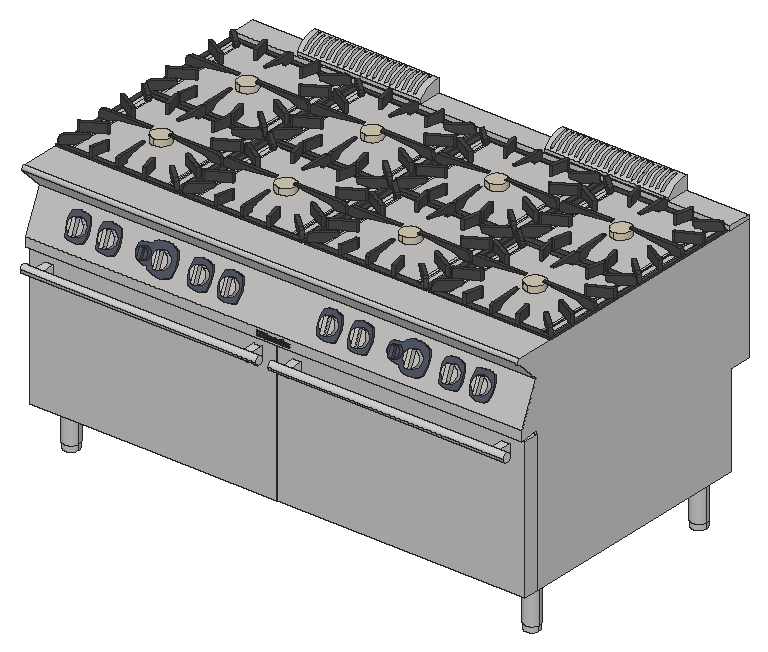
Revit family "QF_ELECTROLUXPROFESSIONAL_391584_E9AAPTBBMKI", category Attrezzature speciali, Revit 2018 (continued)
Definition of nested family "371009_BURNER"
  Lines and regions (mm)
    symbolic lines
      curve 25: arc (181.527, -53.042, 150) -> (179.976, -50.008, 150) -> (181.527, -46.973, 150) r 3.745
      curve 26: line (191.85, -0.794, 150) -> (191.85, -134.556, 150)
      curve 27: line (191.85, -350, 150) -> (201.85, -350, 150)
      curve 28: line (191.85, -11.007, 150) -> (201.85, -11.007, 150)
      curve 29: line (191.85, -0.794, 150) -> (201.85, -0.794, 150)
      curve 30: line (201.85, -340.6, 150) -> (275.077, -340.6, 150)
      curve 31: arc (196.85, -145.397, 0) -> (166.955, -172.888, 0) -> (191.85, -204.977, 0) r 30
      curve 32: arc (201.85, -204.977, 0) -> (226.745, -172.888, 0) -> (196.85, -145.397, 0) r 30
      curve 33: arc (158.678, -180.397, 0) -> (170.734, -200.207, 0) -> (191.85, -209.795, 0) r 39.375
      curve 34: line (163.825, -170.397, 150) -> (163.825, -15, 150)
      curve 35: line (229.875, -170.397, 150) -> (229.875, -15, 150)
      curve 36: line (144.775, -170.397, 150) -> (144.775, -15, 150)
      curve 37: line (248.925, -170.397, 150) -> (248.925, -15, 150)
      curve 38: arc (145.678, -180.397, 0) -> (161.728, -209.187, 0) -> (191.85, -222.573, 0) r 52.075
      curve 39: arc (201.85, -209.795, 0) -> (222.966, -200.207, 0) -> (235.022, -180.397, 0) r 39.375
      curve 40: arc (201.85, -222.573, 0) -> (231.931, -209.224, 0) -> (248.001, -180.504, 0) r 52.075
      curve 41: line (393.7, 0, 0) -> (0, 0, 0)
      curve 42: line (70.445, -122.149, 0) -> (7.81, -87.734, 0)
      curve 43: arc (7.81, -87.734, 0) -> (1.021, -89.708, 0) -> (2.995, -96.498, 0) r 5
      curve 44: line (2.995, -96.498, 0) -> (65.629, -130.914, 0)
      curve 45: arc (65.629, -130.914, 0) -> (72.419, -128.939, 0) -> (70.445, -122.149, 0) r 5
      curve 46: line (65.629, -224.686, 0) -> (2.995, -259.102, 0)
      curve 47: arc (2.995, -259.102, 0) -> (1.021, -265.892, 0) -> (7.81, -267.866, 0) r 5
      curve 48: line (7.81, -267.866, 0) -> (70.445, -233.451, 0)
      curve 49: arc (70.445, -233.451, 0) -> (72.419, -226.661, 0) -> (65.629, -224.686, 0) r 5
      curve 50: line (323.255, -122.149, 0) -> (385.89, -87.734, 0)
      curve 51: arc (385.89, -87.734, 0) -> (392.679, -89.708, 0) -> (390.705, -96.498, 0) r 5
      curve 52: line (390.705, -96.498, 0) -> (328.071, -130.914, 0)
      curve 53: arc (328.071, -130.914, 0) -> (321.281, -128.939, 0) -> (323.255, -122.149, 0) r 5
      curve 54: line (328.071, -224.686, 0) -> (390.705, -259.102, 0)
      curve 55: arc (390.705, -259.102, 0) -> (392.679, -265.892, 0) -> (385.89, -267.866, 0) r 5
      curve 56: line (385.89, -267.866, 0) -> (323.255, -233.451, 0)
      curve 57: arc (323.255, -233.451, 0) -> (321.281, -226.661, 0) -> (328.071, -224.686, 0) r 5
      curve 58: line (118.623, -340.6, 150) -> (191.85, -340.6, 150)
      curve 59: line (285.34, -340.6, 150) -> (369.633, -340.6, 150)
      curve 60: line (378.7, -335.314, 0) -> (378.7, -263.916, 0)
      curve 61: line (1.326, -7.935, 0) -> (58.752, -59.804, 0)
      curve 62: line (65.455, -52.383, 0) -> (8.029, -0.514, 0)
      curve 63: arc (58.752, -59.804, 0) -> (65.814, -59.445, 0) -> (65.455, -52.383, 0) r 5
      curve 64: line (1.326, -7.935, 0) -> (8.029, -0.514, 0)
      curve 65: line (392.374, -7.935, 0) -> (334.948, -59.804, 0)
      curve 66: line (328.245, -52.383, 0) -> (385.671, -0.514, 0)
      curve 67: arc (334.948, -59.804, 0) -> (327.886, -59.445, 0) -> (328.245, -52.383, 0) r 5
      curve 68: line (392.374, -7.935, 0) -> (385.671, -0.514, 0)
      curve 69: line (392.374, -347.665, 0) -> (334.948, -295.796, 0)
      curve 70: line (328.245, -303.217, 0) -> (385.671, -355.086, 0)
      curve 71: arc (334.948, -295.796, 0) -> (327.886, -296.155, 0) -> (328.245, -303.217, 0) r 5
      curve 72: line (392.374, -347.665, 0) -> (385.671, -355.086, 0)
      curve 73: line (1.326, -347.665, 0) -> (58.752, -295.796, 0)
      curve 74: line (65.455, -303.217, 0) -> (8.029, -355.086, 0)
      curve 75: arc (58.752, -295.796, 0) -> (65.814, -296.155, 0) -> (65.455, -303.217, 0) r 5
      curve 76: line (1.326, -347.665, 0) -> (8.029, -355.086, 0)
      curve 77: line (347.901, -15, 0) -> (347.901, -34.629, 0)
      curve 78: line (347.901, -320.971, 0) -> (347.901, -340.6, 0)
      curve 79: line (378.7, -252.506, 0) -> (378.7, -180.397, 0)
      curve 80: line (347.901, -246.993, 0) -> (347.901, -307.496, 0)
      curve 81: line (378.7, -170.397, 0) -> (378.7, -103.094, 0)
      curve 82: line (347.901, -180.397, 0) -> (347.901, -235.582, 0)
      curve 83: line (378.7, -91.684, 0) -> (378.7, -20.286, 0)
      curve 84: line (347.901, -120.018, 0) -> (347.901, -170.397, 0)
      curve 85: line (347.901, -48.104, 0) -> (347.901, -108.607, 0)
      curve 86: line (275.077, -15, 150) -> (201.85, -15, 150)
      curve 87: line (108.36, -15, 150) -> (24.067, -15, 150)
      curve 88: line (45.799, -40, 150) -> (45.799, -15, 150)
      curve 89: line (45.799, -108.607, 150) -> (45.799, -40, 150)
      curve 90: line (15, -20.286, 0) -> (15, -91.684, 0)
      curve 91: line (15, -103.094, 0) -> (15, -170.397, 0)
      curve 92: line (45.799, -170.397, 150) -> (45.799, -120.018, 150)
      curve 93: line (45.799, -235.582, 150) -> (45.799, -180.397, 150)
      curve 94: line (15, -263.916, 150) -> (15, -335.314, 150)
      curve 95: line (45.799, -307.496, 150) -> (45.799, -246.993, 150)
      curve 96: line (116.378, -350.325, 0) -> (127.56, -301.889, 0)
      curve 97: arc (127.56, -301.889, 0) -> (123.813, -295.892, 0) -> (117.816, -299.64, 0) r 5
      curve 98: line (117.816, -299.64, 0) -> (106.634, -348.076, 0)
      curve 99: arc (106.634, -348.076, 0) -> (110.381, -354.072, 0) -> (116.378, -350.325, 0) r 5
      curve 100: line (266.14, -301.889, 0) -> (277.322, -350.325, 0)
      curve 101: arc (277.322, -350.325, 0) -> (283.319, -354.072, 0) -> (287.066, -348.076, 0) r 5
      curve 102: line (287.066, -348.076, 0) -> (275.884, -299.64, 0)
      curve 103: arc (275.884, -299.64, 0) -> (269.887, -295.892, 0) -> (266.14, -301.889, 0) r 5
      curve 104: line (275.884, -55.96, 0) -> (287.066, -7.524, 0)
      curve 105: arc (287.066, -7.524, 0) -> (283.319, -1.528, 0) -> (277.322, -5.275, 0) r 5
      curve 106: line (277.322, -5.275, 0) -> (266.14, -53.711, 0)
      curve 107: arc (266.14, -53.711, 0) -> (269.887, -59.708, 0) -> (275.884, -55.96, 0) r 5
      curve 108: line (127.56, -53.711, 0) -> (116.378, -5.275, 0)
      curve 109: arc (116.378, -5.275, 0) -> (110.381, -1.528, 0) -> (106.634, -7.524, 0) r 5
      curve 110: line (106.634, -7.524, 0) -> (117.816, -55.96, 0)
      curve 111: arc (117.816, -55.96, 0) -> (123.813, -59.708, 0) -> (127.56, -53.711, 0) r 5
  Dimensions and locks
    equal spacing: plane 3 "LEFT", plane 7 "Center Y", plane 4 "RIGHT"
    plane 3 "LEFT" to plane 4 "RIGHT" = 393.7 mm
    equal spacing: plane 5 "FRONT", plane 8 "Center X", plane 1 "BACK"
    plane 5 "FRONT" to plane 1 "BACK" = 355.6 mm
    plane 6 "TOP" to level = 908.85 mm
    plane 9 "Base" to level = 150 mm
    plane 6 "TOP" to plane 10 = 58 mm  (x2)
    locked: Extrusion 4 sketch curve to plane 7 "Center Y" at 0
    aligned and locked: level to plane 2
  Automatic sketch dimensions
    curve 10 to plane 4 "RIGHT" = 0 mm
    curve 20 to plane 7 "Center Y" = 0 mm
    curve 19 to plane 7 "Center Y" = 0 mm
    curve 9 to plane 3 "LEFT" = 0 mm
    plane 1 "BACK" to curve 2 = 0 mm
    plane 1 "BACK" to curve 3 = 0 mm
    plane 5 "FRONT" to curve 2 = 0 mm
    curve 4 to plane 4 "RIGHT" = 24.067 mm
    curve 59 to plane 4 "RIGHT" = 24.067 mm
    plane 1 "BACK" to curve 37 = 15 mm
    plane 7 "Center Y" to curve 37 = 52.075 mm
    curve 37 to curve 7 = 12.7 mm
    curve 7 to curve 35 = 6.35 mm
    plane 8 "Center X" to curve 15 = 2.35 mm
    curve 35 to curve 15 = 1.6 mm
    plane 7 "Center Y" to curve 23 = 16.236 mm
    curve 23 to curve 23 = 0 mm
    curve 23 to curve 23 = 2.56 mm
    curve 23 to curve 24 = 4.607 mm
    plane 7 "Center Y" to curve 86 = 5 mm
    plane 7 "Center Y" to curve 27 = 5 mm
    curve 22 to plane 7 "Center Y" = 8.531 mm
    curve 22 to curve 25 = 4.597 mm
    curve 25 to curve 25 = 2.194 mm  (x2)
    curve 9 to plane 8 "Center X" = 2.597 mm
    curve 17 to curve 9 = 24.626 mm
    curve 21 to curve 34 = 28.025 mm
    curve 34 to curve 6 = 6.35 mm
    plane 8 "Center X" to curve 36 = 7.403 mm
    curve 6 to curve 36 = 12.7 mm
    plane 3 "LEFT" to curve 12 = 45.799 mm
    plane 3 "LEFT" to curve 87 = 24.067 mm
    plane 3 "LEFT" to curve 5 = 24.067 mm
    plane 1 "BACK" to curve 26 = 0.794 mm
    curve 28 to curve 86 = 3.993 mm
    curve 28 to curve 21 = 3.993 mm
    curve 86 to curve 22 = 14.042 mm
    curve 22 to curve 24 = 0.81 mm
    curve 22 to curve 23 = 17.925 mm
    curve 25 to curve 22 = 3.035 mm
    plane 8 "Center X" to curve 26 = 43.244 mm
    curve 15 to curve 15 = 5.054 mm
    plane 8 "Center X" to curve 17 = 1.126 mm
    curve 94 to curve 12 = 5.286 mm
    curve 58 to plane 5 "FRONT" = 15 mm
    curve 59 to plane 5 "FRONT" = 15 mm
    curve 8 to plane 5 "FRONT" = 5.6 mm
    plane 3 "LEFT" to Extrusion 1 sketch curve = 0.709 mm
    plane 3 "LEFT" to Extrusion 1 sketch curve = 3.327 mm
    Extrusion 1 sketch curve to Extrusion 1 sketch curve = 10.201 mm
    plane 10 to Extrusion 1 sketch curve = 5 mm  (x2)
    Extrusion 1 sketch curve to Extrusion 1 sketch curve = 29.447 mm
    Extrusion 1 sketch curve to Extrusion 1 sketch curve = 12.704 mm  (x2)
    Extrusion 1 sketch curve to Extrusion 1 sketch curve = 15.555 mm  (x2)
    plane 3 "LEFT" to Extrusion 1 sketch curve = 79.689 mm
    Extrusion 1 sketch curve to plane 7 "Center Y" = 30.161 mm
    Extrusion 1 sketch curve to Extrusion 1 sketch curve = 0.167 mm  (x2)
    plane 7 "Center Y" to Extrusion 1 sketch curve = 29.994 mm
    Extrusion 1 sketch curve to plane 4 "RIGHT" = 79.689 mm
    plane 10 to Extrusion 1 sketch curve = 18.171 mm
    Extrusion 1 sketch curve to plane 4 "RIGHT" = 58.415 mm
    Extrusion 1 sketch curve to plane 4 "RIGHT" = 13.528 mm
    Extrusion 1 sketch curve to plane 4 "RIGHT" = 3.327 mm
    Extrusion 1 sketch curve to plane 4 "RIGHT" = 0.709 mm
    Extrusion 1 sketch curve to Extrusion 1 sketch curve = 23.902 mm  (x2)
    Extrusion 1 sketch curve to plane 6 "TOP" = 26.807 mm  (x2)
    Extrusion 1 sketch curve to Extrusion 1 sketch curve = 1.185 mm  (x2)
    Extrusion 1 sketch curve to Extrusion 1 sketch curve = 5.694 mm
    Extrusion 2 sketch curve to plane 1 "BACK" = 0 mm
    plane 1 "BACK" to Extrusion 2 sketch curve = 10.213 mm
    plane 10 to Extrusion 2 sketch curve = 5 mm  (x2)
    plane 1 "BACK" to Extrusion 2 sketch curve = 29.066 mm
    plane 10 to Extrusion 2 sketch curve = 20.886 mm
    Extrusion 2 sketch curve to Extrusion 2 sketch curve = 22.688 mm  (x2)
    Extrusion 2 sketch curve to plane 10 = 7.392 mm  (x2)
    Extrusion 2 sketch curve to plane 6 "TOP" = 24.425 mm
    Extrusion 2 sketch curve to Extrusion 2 sketch curve = 51.752 mm
    Extrusion 2 sketch curve to plane 6 "TOP" = 26.807 mm  (x2)
    Extrusion 2 sketch curve to Extrusion 2 sketch curve = 0.167 mm  (x2)
    Extrusion 2 sketch curve to plane 8 "Center X" = 68.528 mm
    Extrusion 2 sketch curve to plane 5 "FRONT" = 60.248 mm
    Extrusion 2 sketch curve to Extrusion 2 sketch curve = 2.895 mm
    Extrusion 2 sketch curve to plane 5 "FRONT" = 15.813 mm
    Extrusion 2 sketch curve to plane 5 "FRONT" = 5.6 mm
    Extrusion 2 sketch curve to Extrusion 2 sketch curve = 4.731 mm
    Extrusion 2 sketch curve to Extrusion 2 sketch curve = 23.844 mm
    Extrusion 2 sketch curve to Extrusion 2 sketch curve = 1.185 mm
    plane 1 "BACK" to Extrusion 3 sketch curve = 0 mm
    Extrusion 3 sketch curve to plane 3 "LEFT" = 0 mm
    plane 5 "FRONT" to Extrusion 3 sketch curve = 0 mm
    Extrusion 3 sketch curve to plane 4 "RIGHT" = 0 mm
    plane 1 "BACK" to Extrusion 3 sketch curve = 15 mm
    Extrusion 3 sketch curve to plane 5 "FRONT" = 15 mm
    plane 3 "LEFT" to Extrusion 3 sketch curve = 15 mm
    Extrusion 3 sketch curve to plane 4 "RIGHT" = 15 mm
    Extrusion 3 to Extrusion 4 sketch curve = 159.603 mm
    Extrusion 5 sketch curve to plane 10 = 0 mm
    plane 3 "LEFT" to Extrusion 5 sketch curve = 15 mm
    Extrusion 5 sketch curve to Extrusion 5 sketch curve = 14.402 mm
    plane 10 to Extrusion 5 sketch curve = 5 mm
    Extrusion 5 sketch curve to Extrusion 5 sketch curve = 15.156 mm
    plane 10 to Extrusion 5 sketch curve = 2.933 mm  (x3)
    Extrusion 5 sketch curve to Extrusion 5 sketch curve = 7.716 mm  (x2)
    Extrusion 5 sketch curve to Extrusion 5 sketch curve = 0 mm  (x3)
    Extrusion 5 sketch curve to Extrusion 5 sketch curve = 1.692 mm  (x2)
    Extrusion 5 sketch curve to Extrusion 5 sketch curve = 3.385 mm  (x2)
    Extrusion 5 sketch curve to plane 10 = 3.559 mm  (x2)
    plane 10 to Extrusion 5 sketch curve = 3.679 mm
    Extrusion 5 sketch curve to plane 4 "RIGHT" = 45.799 mm
    Extrusion 5 sketch curve to Extrusion 5 sketch curve = 1.143 mm
    Extrusion 5 sketch curve to plane 10 = 13.244 mm
    Extrusion 5 sketch curve to plane 4 "RIGHT" = 15 mm
    plane 10 to Extrusion 6 sketch curve = 5 mm  (x2)
    Extrusion 6 sketch curve to Extrusion 6 sketch curve = 2.692 mm  (x2)
    Extrusion 6 sketch curve to Extrusion 6 sketch curve = 10.213 mm  (x2)
    plane 10 to Extrusion 6 sketch curve = 12.281 mm
    Extrusion 6 sketch curve to Extrusion 6 sketch curve = 29.348 mm  (x2)
    Extrusion 6 sketch curve to Extrusion 6 sketch curve = 3.155 mm  (x2)
    Extrusion 6 sketch curve to Extrusion 6 sketch curve = 22.572 mm
    Extrusion 6 sketch curve to Extrusion 6 sketch curve = 8.81 mm
    Extrusion 6 sketch curve to Extrusion 6 sketch curve = 9.845 mm  (x2)
    Extrusion 6 sketch curve to Extrusion 6 sketch curve = 3.99 mm  (x2)
    Extrusion 6 sketch curve to Extrusion 6 sketch curve = 0 mm  (x2)
    Extrusion 6 sketch curve to Extrusion 6 sketch curve = 49.533 mm
    Extrusion 6 sketch curve to plane 10 = 64.377 mm
    Extrusion 6 sketch curve to Extrusion 6 sketch curve = 326.397 mm
    Extrusion 6 sketch curve to plane 6 "TOP" = 28.141 mm
    Extrusion 6 sketch curve to Extrusion 6 sketch curve = 16.281 mm
    Extrusion 6 sketch curve to Extrusion 6 sketch curve = 1.035 mm
    Extrusion 6 sketch curve to Extrusion 6 sketch curve = 19.417 mm
    Extrusion 6 sketch curve to Extrusion 6 sketch curve = 4.763 mm  (x2)
    Extrusion 6 sketch curve to Extrusion 6 sketch curve = 3.716 mm
    plane 10 to Extrusion 7 sketch curve = 5 mm  (x2)
    Extrusion 7 sketch curve to Extrusion 7 sketch curve = 2.692 mm  (x2)
    Extrusion 7 sketch curve to Extrusion 7 sketch curve = 10.213 mm  (x2)
    plane 10 to Extrusion 7 sketch curve = 12.281 mm
    Extrusion 7 sketch curve to Extrusion 7 sketch curve = 29.348 mm  (x2)
    Extrusion 7 sketch curve to Extrusion 7 sketch curve = 3.155 mm  (x2)
    Extrusion 7 sketch curve to Extrusion 7 sketch curve = 22.572 mm
    Extrusion 7 sketch curve to Extrusion 7 sketch curve = 8.81 mm
    Extrusion 7 sketch curve to Extrusion 7 sketch curve = 9.845 mm  (x2)
    Extrusion 7 sketch curve to Extrusion 7 sketch curve = 3.99 mm  (x2)
    Extrusion 7 sketch curve to Extrusion 7 sketch curve = 0 mm  (x2)
    Extrusion 7 sketch curve to Extrusion 7 sketch curve = 21.306 mm
    Extrusion 7 sketch curve to plane 10 = 64.377 mm  (x2)
    Extrusion 7 sketch curve to Extrusion 7 sketch curve = 326.397 mm
    Extrusion 7 sketch curve to plane 6 "TOP" = 28.141 mm
    Extrusion 7 sketch curve to Extrusion 7 sketch curve = 16.281 mm
    Extrusion 7 sketch curve to Extrusion 7 sketch curve = 1.035 mm
    Extrusion 7 sketch curve to Extrusion 7 sketch curve = 19.417 mm
    Extrusion 7 sketch curve to Extrusion 7 sketch curve = 7.281 mm
    Extrusion 7 sketch curve to Extrusion 7 sketch curve = 10.713 mm
    curve 58 to curve 12 = 72.824 mm
    curve 30 to curve 30 = 73.227 mm
    curve 58 to curve 5 = 10.263 mm
    curve 5 to curve 58 = 0 mm
    curve 59 to curve 30 = 10.263 mm
    curve 30 to curve 8 = 9.4 mm
    curve 31 to curve 32 = 0 mm
    curve 33 to curve 38 = 0 mm  (x2)
    curve 33 to curve 39 = 0 mm  (x2)
    curve 33 to curve 40 = 0 mm  (x2)
    plane 1 "BACK" to curve 41 = 0 mm
    curve 41 to plane 3 "LEFT" = 0 mm
    curve 31 to plane 7 "Center Y" = 0 mm
    curve 33 to plane 7 "Center Y" = 0 mm
    curve 41 to plane 4 "RIGHT" = 0 mm
    plane 3 "LEFT" to curve 76 = 1.326 mm
    plane 3 "LEFT" to curve 64 = 1.326 mm
    plane 3 "LEFT" to curve 44 = 2.995 mm
    plane 3 "LEFT" to curve 46 = 2.995 mm
    curve 43 to curve 43 = 2.408 mm
    curve 46 to curve 47 = 2.408 mm
    curve 47 to curve 47 = 2.408 mm
    curve 43 to curve 42 = 2.408 mm
    curve 76 to plane 5 "FRONT" = 0.514 mm
    plane 3 "LEFT" to curve 76 = 8.029 mm
    plane 1 "BACK" to curve 62 = 0.514 mm
    plane 3 "LEFT" to curve 62 = 8.029 mm
    curve 48 to curve 75 = 50.941 mm
    curve 43 to curve 63 = 50.941 mm
    curve 75 to curve 75 = 3.351 mm
    curve 63 to curve 63 = 3.351 mm
    plane 1 "BACK" to curve 62 = 52.383 mm
    curve 63 to curve 62 = 3.351 mm
    curve 74 to plane 5 "FRONT" = 52.383 mm
    curve 75 to curve 74 = 3.351 mm
    plane 3 "LEFT" to curve 46 = 65.629 mm
    plane 3 "LEFT" to curve 44 = 65.629 mm
    curve 45 to curve 45 = 2.408 mm
    curve 46 to curve 49 = 2.408 mm
    curve 49 to curve 48 = 2.408 mm
    curve 45 to curve 42 = 2.408 mm
    curve 38 to plane 8 "Center X" = 2.597 mm
    curve 38 to plane 7 "Center Y" = 51.172 mm
    curve 33 to plane 8 "Center X" = 2.597 mm
    curve 38 to curve 33 = 12.999 mm
    curve 33 to plane 7 "Center Y" = 5 mm
    curve 38 to plane 7 "Center Y" = 5 mm
    curve 31 to curve 33 = 0 mm
    plane 7 "Center Y" to curve 32 = 5 mm
    plane 7 "Center Y" to curve 40 = 5 mm
    curve 39 to curve 32 = 0 mm
    curve 39 to plane 8 "Center X" = 2.597 mm
    plane 7 "Center Y" to curve 39 = 38.172 mm
    curve 40 to plane 8 "Center X" = 2.704 mm
    curve 39 to curve 40 = 12.979 mm
    curve 50 to plane 4 "RIGHT" = 70.445 mm
    curve 57 to plane 4 "RIGHT" = 70.445 mm
    curve 50 to curve 53 = 2.408 mm
    curve 57 to curve 57 = 2.408 mm  (x2)
    curve 53 to curve 53 = 2.408 mm
    curve 71 to curve 71 = 3.351 mm
    curve 67 to curve 67 = 3.351 mm
    curve 71 to curve 69 = 3.351 mm
    curve 67 to curve 65 = 3.351 mm
    curve 60 to plane 4 "RIGHT" = 15 mm
    curve 72 to plane 5 "FRONT" = 0.514 mm
    curve 72 to plane 4 "RIGHT" = 8.029 mm
    plane 1 "BACK" to curve 68 = 0.514 mm
    curve 68 to plane 4 "RIGHT" = 8.029 mm
    curve 50 to plane 4 "RIGHT" = 7.81 mm
    curve 55 to plane 4 "RIGHT" = 7.81 mm
    curve 55 to curve 55 = 2.408 mm
    curve 50 to curve 51 = 2.408 mm
    curve 55 to plane 4 "RIGHT" = 2.995 mm
    curve 51 to plane 4 "RIGHT" = 2.995 mm
    curve 69 to plane 4 "RIGHT" = 1.326 mm
    curve 65 to plane 4 "RIGHT" = 1.326 mm
    curve 72 to plane 5 "FRONT" = 7.935 mm
    curve 60 to plane 5 "FRONT" = 20.286 mm
    curve 71 to curve 56 = 27.93 mm
    curve 73 to curve 48 = 27.93 mm
    curve 47 to curve 47 = 4.382 mm
    curve 55 to curve 55 = 4.382 mm
    curve 56 to plane 8 "Center X" = 55.651 mm
    curve 48 to plane 8 "Center X" = 55.651 mm
    curve 57 to curve 57 = 4.382 mm
    curve 49 to curve 49 = 4.382 mm
    curve 40 to plane 8 "Center X" = 44.773 mm
    curve 39 to curve 32 = 4.818 mm
    plane 8 "Center X" to curve 31 = 2.403 mm
    plane 8 "Center X" to curve 45 = 46.886 mm
    plane 8 "Center X" to curve 52 = 46.886 mm
    curve 53 to curve 53 = 4.382 mm
    curve 45 to curve 45 = 4.382 mm
    curve 53 to curve 52 = 34.416 mm
    curve 44 to curve 61 = 36.694 mm
    curve 43 to curve 43 = 4.382 mm
    curve 51 to curve 51 = 4.382 mm
    curve 51 to curve 65 = 27.93 mm
    plane 1 "BACK" to curve 83 = 20.286 mm
    plane 1 "BACK" to curve 88 = 15 mm
    plane 1 "BACK" to curve 77 = 15 mm
    curve 77 to curve 83 = 30.799 mm
    curve 78 to plane 5 "FRONT" = 15 mm
    curve 80 to curve 71 = 7.989 mm
    curve 78 to curve 60 = 30.799 mm
    curve 78 to curve 80 = 13.475 mm
    curve 55 to curve 79 = 10.979 mm
    curve 82 to curve 57 = 6.514 mm
    curve 80 to curve 78 = 0 mm
    curve 80 to curve 82 = 11.41 mm
    curve 77 to curve 66 = 37.77 mm
    curve 60 to curve 79 = 11.41 mm
    plane 8 "Center X" to curve 81 = 7.403 mm
    plane 8 "Center X" to curve 84 = 7.403 mm
    curve 82 to plane 8 "Center X" = 2.597 mm
    curve 82 to curve 84 = 0 mm
    curve 79 to plane 8 "Center X" = 2.597 mm
    curve 79 to curve 81 = 0 mm
    curve 81 to curve 51 = 10.979 mm
    curve 53 to curve 85 = 17.924 mm
    curve 84 to curve 81 = 30.799 mm
    curve 84 to curve 85 = 11.41 mm
    curve 52 to curve 84 = 19.83 mm
    curve 81 to curve 83 = 11.41 mm
    curve 67 to curve 85 = 7.989 mm
    curve 85 to curve 77 = 0 mm
    curve 85 to curve 77 = 13.475 mm
    curve 86 to curve 37 = 26.152 mm
    curve 4 to curve 86 = 10.263 mm
    curve 86 to curve 4 = 0 mm
    curve 36 to curve 21 = 26.152 mm
    curve 88 to curve 88 = 25 mm
    plane 8 "Center X" to curve 89 = 69.193 mm
    curve 43 to curve 90 = 9.597 mm
    curve 43 to curve 90 = 0.432 mm
    plane 1 "BACK" to curve 90 = 20.286 mm
    curve 93 to plane 8 "Center X" = 2.597 mm
    plane 8 "Center X" to curve 91 = 7.403 mm
    curve 95 to plane 8 "Center X" = 69.193 mm
    curve 93 to curve 94 = 28.333 mm
    curve 95 to curve 12 = 33.104 mm
    curve 21 to curve 87 = 10.263 mm
    curve 87 to curve 21 = 0 mm
    curve 91 to curve 90 = 11.41 mm
    curve 89 to curve 87 = 21.732 mm
    curve 89 to curve 92 = 11.41 mm
    curve 92 to curve 89 = 0 mm
    plane 8 "Center X" to curve 92 = 7.403 mm
    curve 91 to curve 90 = 0 mm
    curve 93 to curve 95 = 0 mm
    curve 93 to curve 95 = 11.41 mm
    curve 11 to curve 94 = 0 mm
    curve 11 to curve 94 = 11.41 mm
    curve 95 to curve 11 = 30.799 mm
    curve 95 to curve 12 = 13.475 mm
    plane 3 "LEFT" to curve 95 = 45.799 mm
    curve 95 to curve 5 = 33.104 mm
    Extrusion 8 sketch curve to Extrusion 3 = 5.275 mm  (x2)
    Extrusion 8 sketch curve to Extrusion 8 sketch curve = 1.125 mm  (x16)
    Extrusion 3 to Extrusion 8 sketch curve = 38.711 mm  (x2)
    Extrusion 8 sketch curve to Extrusion 3 = 7.19 mm  (x3)
    Extrusion 3 to Extrusion 8 sketch curve = 72.734 mm  (x2)
    Extrusion 8 sketch curve to Extrusion 8 sketch curve = 4.382 mm  (x16)
    Extrusion 8 sketch curve to Extrusion 3 = 2.995 mm  (x4)
    Extrusion 8 sketch curve to Extrusion 8 sketch curve = 34.416 mm  (x4)
    Extrusion 3 to Extrusion 8 sketch curve = 50.629 mm  (x3)
    Extrusion 8 sketch curve to Extrusion 8 sketch curve = 93.773 mm  (x2)
    Extrusion 3 to Extrusion 8 sketch curve = 40.96 mm  (x2)
    Extrusion 8 sketch curve to Extrusion 3 = 7.476 mm  (x2)
    Extrusion 8 sketch curve to Extrusion 8 sketch curve = 2.408 mm  (x4)
    Extrusion 3 to Extrusion 8 sketch curve = 91.634 mm  (x2)
    Extrusion 8 sketch curve to Extrusion 8 sketch curve = 4.872 mm  (x8)
    Extrusion 8 sketch curve to Extrusion 8 sketch curve = 11.182 mm  (x4)
    Extrusion 3 to Extrusion 8 sketch curve = 112.56 mm
    Extrusion 8 sketch curve to Extrusion 8 sketch curve = 61.931 mm
    Extrusion 3 to Extrusion 8 sketch curve = 55.445 mm
    Extrusion 8 sketch curve to Extrusion 8 sketch curve = 4.816 mm
    curve 67 to curve 85 = 19.656 mm
    curve 71 to curve 80 = 19.656 mm
    curve 99 to plane 5 "FRONT" = 7.524 mm
    curve 74 to curve 99 = 41.179 mm
    curve 98 to curve 99 = 4.872 mm
    curve 96 to plane 5 "FRONT" = 5.275 mm
    curve 99 to curve 96 = 4.872 mm
    curve 99 to curve 98 = 11.182 mm
    curve 98 to curve 97 = 4.872 mm
    curve 96 to plane 5 "FRONT" = 53.711 mm
    curve 97 to curve 96 = 4.872 mm
    curve 97 to curve 97 = 1.125 mm
    curve 103 to curve 70 = 62.105 mm
    curve 103 to curve 103 = 4.872 mm  (x2)
    curve 100 to plane 5 "FRONT" = 5.275 mm
    curve 100 to curve 100 = 11.182 mm
    curve 101 to curve 101 = 4.872 mm
    curve 102 to plane 5 "FRONT" = 7.524 mm
    curve 101 to curve 102 = 4.872 mm
    curve 100 to curve 100 = 48.436 mm
    curve 103 to curve 103 = 1.125 mm
    curve 106 to curve 67 = 62.105 mm
    curve 107 to curve 107 = 4.872 mm
    plane 1 "BACK" to curve 104 = 55.96 mm
    curve 107 to curve 104 = 4.872 mm
    plane 1 "BACK" to curve 105 = 5.275 mm
    curve 107 to curve 105 = 11.182 mm
    curve 105 to curve 105 = 4.872 mm  (x2)
    curve 107 to curve 107 = 1.125 mm
    plane 1 "BACK" to curve 104 = 7.524 mm
    plane 1 "BACK" to curve 109 = 7.524 mm
    curve 62 to curve 109 = 41.179 mm
    curve 109 to curve 109 = 4.872 mm
    plane 1 "BACK" to curve 108 = 5.275 mm
    curve 109 to curve 108 = 4.872 mm
    curve 110 to curve 111 = 11.182 mm
    curve 110 to curve 111 = 4.872 mm
    plane 1 "BACK" to curve 108 = 53.711 mm
    curve 111 to curve 108 = 4.872 mm
    curve 111 to curve 108 = 2.25 mm
    radius of Extrusion 4 sketch curve = 30 mm
Types (2, lengths in mm): name | URL | Modello | Produttore | Gas Size | Descrizione
  (no name) | "www.electrolux.com" | "391017" | "ELECTROLUX" | 0" | "900XP 8 GAS BURNERS 6kW ON TWO GAS OVEN"
  Standard | "https://www.electroluxprofessional.com/" | "E9AAPTBBMKI" | "Electrolux Professional" | 1/2" | "8-BURNER GAS RANGE+2 OVENS 1600MM - QMARK"
